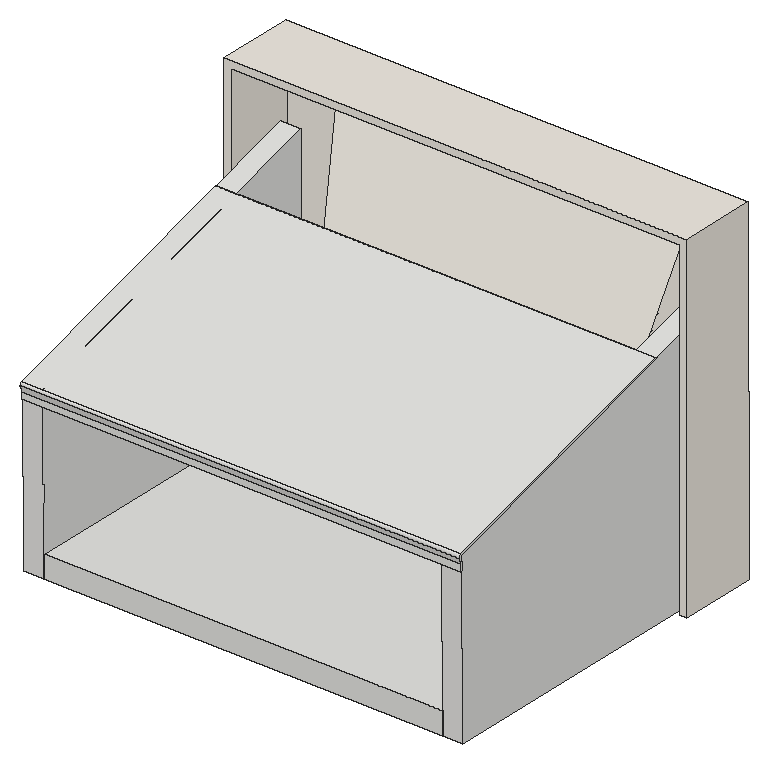
Revit family "Plumbing-Sink-Sloan-Valve-DSG-81000", category Plumbing Fixtures, host Face, Revit 2019
Family settings
  Host = Face
  Round Connector Dimension = Use Diameter
  Part Type = Normal
  OmniClass Number = 23.45.05.14.14
  OmniClass Title = Sinks/Lavatories
  Cut with Voids When Loaded = No
  Shared = No
  Room Calculation Point = No
Parameters (values of type "DSG-81000")
  Width = 30.00"  # constant formula
  Water Flow = 0.0 GPM
  Waste Connection = yes
  WFU = 2
  Vent Connection = no
  Valve Pressure Drop = 0.0 Pa
  URL = "www.sloanvalve.com"
  Sanitary Drain Connection Diameter = 1.50"
  Product data url = "https://bimobject.com/sloan_valve/product/sinks_designer-series_dsg-81000"
  Product Material = Sloan - Corian - Venaro White
  Product Guid = ""
  Part Number = ""
  Model = "DSG-81000"
  Manufacturer = "Sloan Valve"  # constant formula
  Keynote = "10000"
  Hot Water Connection Diameter = 0.50"
  Height = 5.00"  # constant formula
  HWFU = 1.5
  HW Connection = yes
  z_Elevation [instance] = 34.00"  # constant formula
  Enclosure [instance] = yes
  Edition number = 1
  Description = "Designer Series™ 1-Station Wall-Mounted Gradient Sink."
  Depth = 22.00"  # constant formula
  Default Elevation = 0.00"  # constant formula
  Cold Water Connection Diameter = 0.50"
  CWFU = 1.5
  CW Connection = yes
  Assembly Code = "D2010400"
  ADA Compliant = 1 = 1  # yes
Reference planes (in)
  plane 1 "Center (Front/Back)": y = 0
  plane 2: z = 0
  plane 3 "Center (Left/Right)": x = 0
  plane 4: y = -14
  plane 5: y = -34
  plane 6: z = 3.125
  plane 7: x = -6
  plane 8: z = 2.75
  plane 9: x = -15
  plane 10: x = 15
  plane 11: z = 22
Forms (in)
  Extrusion 1, solid, not visible
    sketch origin (0, 0, 0) x (1, 0, 0) y (0, 1, 0)
      loop
        circle (0, -14) r 0.75
      loop
        circle (3, -10) r 0.25
      loop
        circle (-3, -10) r 0.25
    from 0 to 0.50971
Dimensions and locks (in)
  plane 4 to plane 1 "Center (Front/Back)" = 14.00"
  "z_Elevation": plane 5 to plane 1 "Center (Front/Back)"
  aligned and locked: plane 2 to host face
  aligned and locked: level to host face
  aligned and locked: plane 3 "Center (Left/Right)" to nested 1
  aligned and locked: plane 1 "Center (Front/Back)" to nested 1
Automatic sketch dimensions
  host sketch curve to host sketch curve = 96.00"  (x2)
  Extrusion 1 sketch curve to plane 3 "Center (Left/Right)" = 0.00"
  Extrusion 1 sketch curve to plane 4 = 0.00"
  Extrusion 1 sketch curve to plane 3 "Center (Left/Right)" = 3.00"
  plane 3 "Center (Left/Right)" to Extrusion 1 sketch curve = 3.00"
  plane 4 to Extrusion 1 sketch curve = 4.00"  (x2)
  radius of Extrusion 1 sketch curve = 0.75"
  radius of Extrusion 1 sketch curve = 0.25"  (x2)
Nested families (in)
  nested 1: "Geometry" at (0, 0, 0), type "Geometry"
Connectors (in)
  piping at (0, -14, 0), diameter 1.5, driven by "WFU", driven by "Sanitary Drain Connection Diameter"
    settings: on Extrusion 1, index 2, connector inside diameter 24.00", connector length 0.00", flow factor 0, pipe flow 0.0 GPM, pressure drop 0.0 Pa, fitting loss kfactor 0, connector angle 0.00°, fixture units 2, engagement length 0.00", angle of deflection 0.00°, flow configuration 3, flow direction 2, fitting loss method 0, system type 16, joint type 0, gender type 0, connector reference index -1, connector utility 0, adjustable connector no, is connector primary yes, connector description "Sanitary Drain Connection"
  piping at (3, -10, 0), diameter 0.5, driven by "Cold Water Connection Diameter"
    settings: on Extrusion 1, index 3, connector inside diameter 24.00", connector length 0.00", flow factor 0, pipe flow 0.0 GPM, pressure drop 0.0 Pa, fitting loss kfactor 0, connector angle 0.00°, fixture units 1.5, engagement length 0.00", angle of deflection 0.00°, flow configuration 3, flow direction 1, fitting loss method 0, system type 20, joint type 0, gender type 0, connector reference index -1, connector utility 0, adjustable connector no, is connector primary no, connector description "Cold Water Connection"
  piping at (-3, -10, 0), diameter 0.5, driven by "Hot Water Connection Diameter"
    settings: on Extrusion 1, index 4, connector inside diameter 24.00", connector length 0.00", flow factor 0, pipe flow 0.0 GPM, pressure drop 0.0 Pa, fitting loss kfactor 0, connector angle 0.00°, fixture units 1.5, engagement length 0.00", angle of deflection 0.00°, flow configuration 3, flow direction 1, fitting loss method 0, system type 19, joint type 0, gender type 0, connector reference index -1, connector utility 0, adjustable connector no, is connector primary no, connector description "Hot Water Connection"
Definition of nested family "Geometry"
  Parameters (values of type "Geometry")
    URL = ""
    Type Comments = ""
    Product Material = none
    Model = ""
    Manufacturer = ""
    Enclosure Material = none
    Enclosure = yes
    Description = ""
    Default Elevation = 34.00"
    Assembly Code = ""
  Reference planes (in)
    plane 1 "Center (Front/Back)": y = 0
    plane 2: z = 0
    plane 3 "Center (Left/Right)": x = 0
    plane 4: y = -5
    plane 5: z = 22
    plane 6: y = -34
    plane 7: y = -14
    plane 8: y = -10
    plane 9: z = 7
    plane 10: x = 15
    plane 11: x = -15
    plane 12: x = -11
    plane 13: x = 11
  Forms (in)
    Extrusion 1, solid
      sketch origin (0, 0, 0) x (1, 0, 0) y (0, 1, 0)
        loop
          line (-48, 48) -> (-48, -48) -> (48, -48) -> (48, 48) -> (-48, 48)
      from 0 to -12
    Extrusion 2, solid, material <- "Product Material"
      sketch origin (0, 0, 0) x (1, 0, 0) y (0, 0, 1)
        loop
          line (15, 22) -> (-15, 22) -> (-15, 0) -> (-14.52756, 0) -> (-14.52756, 21.52756) -> (14.52756, 21.52756) -> (14.52756, 0) -> (15, 0) -> (15, 22)
      from 0 to 5
    Extrusion 3, solid, material <- "Product Material"
      sketch origin (0, 0, 0) x (1, 0, 0) y (0, 0, 1)
        loop
          line (15, 0) -> (15, 22) -> (-15, 22) -> (-15, 0) -> (15, 0)
        loop
          line (11, 19) -> (-11, 19) -> (-11, 5) -> (11, 5) -> (11, 19)
      from 0 to 0.47244
    Extrusion 4, solid, material <- "Product Material"
      sketch origin (0, 0, 0) x (0, 1, 0) y (0, 0, 1)
        loop
          line (0, 19) -> (-0.47244, 19.08029) -> (-3.83519, 9.47244) -> (-4.76173, 9.47244) -> (-4.76173, 4.52756) -> (-0.47244, 4.52756) -> (0, 5) -> (-4.28908, 5) -> (-4.28908, 9) -> (-3.5, 9) -> (0, 19)
      from -11 to 11
    Extrusion 5, solid, material <- "Product Material"
      sketch origin (0, 0, 0) x (1, 0, 0) y (0, 1, 0)
        loop
          line (11, 0) -> (8.91846, -4.75781) -> (9.43413, -4.75781) -> (11.30898, -0.47244) -> (11, 0)
        loop
          line (-11, 0) -> (-11.30898, -0.47244) -> (-9.43413, -4.75781) -> (-8.91846, -4.75781) -> (-11, 0)
      from 5 to 19.08029
    Extrusion 6, void
      sketch origin (0, 0, 0) x (0, 1, 0) y (0, 0, 1)
        loop
          line (-0.47244, 19.08029) -> (-5, 19.08029) -> (-5, 9.47244) -> (-3.83519, 9.47244) -> (-0.47244, 19.08029)
      from -11.30898 to 11.30898
    Extrusion 7, void
      sketch origin (0, 0, 0) x (1, 0, 0) y (0, 1, 0)
        loop
          line (-9.43242, -4.76173) -> (-11.30898, -0.47244) -> (-11.30898, -4.76173) -> (-9.43242, -4.76173)
        loop
          line (9.43242, -4.76173) -> (11.30898, -4.76173) -> (11.30898, -0.47244) -> (9.43242, -4.76173)
      from 4.52756 to 19.28617
    Extrusion 8, solid, material <- "Product Material"
      sketch origin (0, 0, 0) x (1, 0, 0) y (0, 1, 0)
        loop
          circle (0, -14) r 0.75
        loop
          circle (-3, -10) r 0.25
        loop
          circle (3, -10) r 0.25
      from 0 to 0.032
    Extrusion 9, void
      sketch origin (0, 0, 0) x (1, 0, 0) y (0, 0, 1)
        loop
          circle (0, 7) r 0.875
      from 4.28906 to 4.76173
    Extrusion 10, solid, material <- "Enclosure Material", visible <- "Enclosure"
      sketch origin (14.8098, 0, 0) x (0, 1, 0) y (0, 0, -1)
        loop
          line (-22.1902, 0) -> (-22.28349, -11.02999) -> (-1.32484, -16.97876) -> (-1.35811, 0) -> (-22.1902, 0)
      from 27.76017 to 29.0598
    Sweep 11, solid, material <- "Enclosure Material", visible <- "Enclosure"
      path origin (0, 0.17188, 0) x (1, 0, 0) y (0, 1, 0)
        loop
          line (-14.25, -22.62888) -> (14.25, -22.62888)
      profile origin (0, -22.45701, 0) x (0, 1, 0) y (0, 0, 1)
        loop
          line (-0.00555, 10.86203) -> (0.10434, 10.47744) -> (0.11135, 10.05276) -> (0.17114, 10.05375) -> (0.164, 10.4863) -> (0.04663, 10.89708)
          arc (0.04663, 10.89708) -> (0.05347, 10.95663) -> (0.10042, 10.9939) r 0.07831
          line (0.10042, 10.9939) -> (15.93571, 15.51827) -> (15.86178, 15.55934) -> (0.10261, 11.05672)
          arc (0.10261, 11.05672) -> (0.00821, 10.98178) -> (-0.00555, 10.86203) r 0.15748
    Extrusion 12, solid, material <- "Enclosure Material", visible <- "Enclosure"
      sketch origin (0, 0, 0) x (1, 0, 0) y (0, 0, 1)
        loop
          line (-12.95037, 1.44) -> (-12.95037, 0) -> (12.95037, 0) -> (12.95037, 1.44) -> (-12.95037, 1.44)
      from 0.787 to 22.1902
    Extrusion 13, solid, material <- "Enclosure Material", visible <- "Enclosure"
      sketch origin (-14.8098, 0, 0) x (0, 1, 0) y (0, 0, 1)
        loop
          line (-22.1902, 0) -> (-1.35811, 0) -> (-1.32484, 16.97876) -> (-22.28349, 11.02999) -> (-22.1902, 0)
      from 27.76017 to 29.0598
  Cuts and joins
    Extrusion 6, Extrusion 9 cuts Extrusion 2
    Extrusion 6, Extrusion 9 cuts Extrusion 3
    Extrusion 6, Extrusion 7, Extrusion 9 cuts Extrusion 4
    Extrusion 6, Extrusion 9 cuts Extrusion 5
    joined: Extrusion 2, Extrusion 3, Extrusion 4, Extrusion 5
  Lines and regions (in)
    Masking region 1
      outline origin (0, 0, 0) x (1, 0, 0) y (0, 0, 1)
        loop
          line (15, 22) -> (-15, 22) -> (-15, 0) -> (15, 0) -> (15, 22)
    symbolic lines, detail levels medium+fine
      curve 1: line (11, 0, 19) -> (-11, 0, 19)
      curve 2: line (-11, 0, 5) -> (11, 0, 5)
      curve 3: line (-9.46875, 0, 9) -> (9.46875, 0, 9)
      curve 5: line (11, 0, 5) -> (11, 0, 19)
      curve 6: line (11, 0, 19) -> (9.46875, 0, 9)
      curve 7: line (8.91846, 0, 9) -> (8.91846, 0, 5)
      curve 8: line (-11, 0, 19) -> (-11, 0, 5)
      curve 9: line (-8.91846, 0, 5) -> (-8.91846, 0, 9)
      curve 10: line (-9.46875, 0, 9) -> (-11, 0, 19)
    symbolic lines, detail levels fine
      curve 4: circle (0, 0, 7) r 0.875 normal (0, -1, 0)
      curve 11: circle (0, 0, 2.75) r 0.625 normal (0, 1, 0)
      curve 12: circle (-6, 0, 3.125) r 0.5 normal (0, 1, 0)
  Dimensions and locks (in)
    locked: Extrusion 1 to plane 5 at 22
    locked: plane 4 to plane 1 "Center (Front/Back)" at 5
    plane 6 to plane 8 = 24.00"
    plane 6 to plane 7 = 20.00"
    "Default Elevation": plane 6 to plane 1 "Center (Front/Back)"
    plane 3 "Center (Left/Right)" to Extrusion 8 sketch curve = 3.00"
    Extrusion 8 sketch curve to plane 3 "Center (Left/Right)" = 3.00"
    aligned and locked: plane 2 to Extrusion 1
    aligned and locked: level to Extrusion 1
    aligned and locked: plane 7 to Extrusion 8 sketch curve
    aligned and locked: plane 8 to Extrusion 8 sketch curve  (x2)
    aligned and locked: Extrusion 3 sketch curve to level
    aligned and locked: Extrusion 3 sketch curve to plane 5
    aligned and locked: plane 9 to Extrusion 9 sketch curve
    aligned and locked: plane 3 "Center (Left/Right)" to Extrusion 9 sketch curve
  Automatic sketch dimensions
    Extrusion 1 sketch curve to Extrusion 1 sketch curve = 96.00"  (x2)
    Extrusion 8 sketch curve to plane 3 "Center (Left/Right)" = 0.00"
    Masking region 1 sketch curve to level = 0.00"
    Masking region 1 sketch curve to plane 5 = 0.00"
    Masking region 1 sketch curve to plane 3 "Center (Left/Right)" = 15.00"
    plane 3 "Center (Left/Right)" to Masking region 1 sketch curve = 15.00"
    curve 11 to plane 3 "Center (Left/Right)" = 0.00"
    curve 4 to plane 3 "Center (Left/Right)" = 0.00"
    curve 4 to plane 9 = 0.00"
    curve 12 to plane 3 "Center (Left/Right)" = 6.00"
    curve 10 to plane 9 = 2.00"
    plane 11 to curve 10 = 5.53125"
    plane 11 to curve 10 = 4.00"
    curve 3 to plane 10 = 5.53125"
    curve 5 to plane 10 = 4.00"
    plane 9 to curve 8 = 2.00"
    level to curve 12 = 3.125"
    level to curve 11 = 2.75"
    plane 5 to curve 6 = 3.00"
    curve 2 to curve 9 = 2.08154"
    curve 7 to curve 2 = 2.08154"
    plane 1 "Center (Front/Back)" to Extrusion 5 sketch curve = 0.00"  (x2)
    Extrusion 5 sketch curve to plane 12 = 0.00"
    Extrusion 5 sketch curve to plane 13 = 0.00"
    Extrusion 5 sketch curve to plane 12 = 0.30898"
    Extrusion 5 sketch curve to plane 4 = 0.24219"  (x2)
    plane 12 to Extrusion 5 sketch curve = 1.56587"
    Extrusion 5 sketch curve to Extrusion 5 sketch curve = 0.51568"  (x2)
    Extrusion 5 sketch curve to plane 13 = 2.08154"
    plane 13 to Extrusion 5 sketch curve = 0.30898"
    plane 1 "Center (Front/Back)" to Extrusion 5 sketch curve = 0.47244"  (x2)
    plane 4 to Extrusion 6 sketch curve = 0.00"
    Extrusion 6 sketch curve to plane 4 = 1.16481"
    plane 1 "Center (Front/Back)" to Extrusion 6 sketch curve = 0.47244"
    Extrusion 6 sketch curve to plane 9 = 2.47244"
    plane 5 to Extrusion 6 sketch curve = 2.91971"
    Extrusion 7 sketch curve to plane 12 = 0.30898"
    Extrusion 7 sketch curve to plane 4 = 0.23827"  (x2)
    plane 12 to Extrusion 7 sketch curve = 1.56758"
    Extrusion 7 sketch curve to plane 13 = 1.56758"
    plane 13 to Extrusion 7 sketch curve = 0.30898"
    plane 1 "Center (Front/Back)" to Extrusion 7 sketch curve = 0.47244"  (x2)
    Extrusion 3 sketch curve to plane 11 = 0.00"
    Extrusion 3 sketch curve to plane 12 = 0.00"
    Extrusion 3 sketch curve to plane 13 = 0.00"
    Extrusion 3 sketch curve to plane 10 = 0.00"
    plane 5 to Extrusion 3 sketch curve = 3.00"
    plane 9 to Extrusion 3 sketch curve = 2.00"
    Extrusion 2 sketch curve to plane 5 = 0.00"
    Extrusion 2 sketch curve to level = 0.00"  (x2)
    Extrusion 2 sketch curve to plane 11 = 0.00"
    Extrusion 2 sketch curve to plane 10 = 0.00"
    plane 5 to Extrusion 2 sketch curve = 0.47244"
    Extrusion 2 sketch curve to Extrusion 2 sketch curve = 0.47244"
    Extrusion 2 sketch curve to plane 10 = 0.47244"
    Extrusion 4 sketch curve to plane 1 "Center (Front/Back)" = 0.00"  (x2)
    plane 1 "Center (Front/Back)" to Extrusion 4 sketch curve = 0.47244"  (x2)
    Extrusion 4 sketch curve to plane 4 = 1.50"
    Extrusion 4 sketch curve to Extrusion 4 sketch curve = 0.33519"
    Extrusion 4 sketch curve to Extrusion 4 sketch curve = 0.78908"
    Extrusion 4 sketch curve to plane 4 = 0.23827"
    plane 9 to Extrusion 4 sketch curve = 2.47244"
    Extrusion 4 sketch curve to Extrusion 4 sketch curve = 0.47244"  (x2)
    Extrusion 4 sketch curve to plane 9 = 2.00"
    plane 5 to Extrusion 4 sketch curve = 3.00"
    Extrusion 4 sketch curve to Extrusion 4 sketch curve = 0.08029"
    Extrusion 10 sketch curve to level = 0.00"
    Extrusion 10 sketch curve to plane 9 = 4.02999"
    plane 7 to Extrusion 10 sketch curve = 8.28349"
    plane 7 to Extrusion 10 sketch curve = 8.1902"
    plane 1 "Center (Front/Back)" to Extrusion 10 sketch curve = 1.35811"
    plane 1 "Center (Front/Back)" to Extrusion 10 sketch curve = 1.32484"
    plane 5 to Extrusion 10 sketch curve = 5.02124"
    plane 11 to Sweep 11 sketch curve = 0.75"
    Sweep 11 sketch curve to plane 10 = 0.75"
    plane 7 to Sweep 11 sketch curve = 8.45701"
    profile plane to Sweep 11 sketch curve = 0.00555"
    Sweep 11 sketch curve to profile plane = 0.04663"
    Sweep 11 sketch curve to profile plane = 0.10042"
    Sweep 11 sketch curve to Sweep 11 sketch curve = 0.00219"
    Sweep 11 sketch curve to profile plane = 0.10434"
    Sweep 11 sketch curve to profile plane = 0.11135"
    Sweep 11 sketch curve to Sweep 11 sketch curve = 0.0753"
    Sweep 11 sketch curve to Sweep 11 sketch curve = 0.02394"
    Sweep 11 sketch curve to Sweep 11 sketch curve = 0.05966"
    Sweep 11 sketch curve to Sweep 11 sketch curve = 0.05979"
    Sweep 11 sketch curve to profile plane = 15.86178"
    Sweep 11 sketch curve to Sweep 11 sketch curve = 0.07393"
    profile plane to Sweep 11 sketch curve = 10.05276"
    Sweep 11 sketch curve to Sweep 11 sketch curve = 0.00099"
    Sweep 11 sketch curve to Sweep 11 sketch curve = 0.42467"
    Sweep 11 sketch curve to Sweep 11 sketch curve = 0.00886"
    Sweep 11 sketch curve to Sweep 11 sketch curve = 0.38459"
    Sweep 11 sketch curve to Sweep 11 sketch curve = 0.03505"
    Sweep 11 sketch curve to Sweep 11 sketch curve = 0.00821"
    Sweep 11 sketch curve to Sweep 11 sketch curve = 0.0133"
    profile plane to Sweep 11 sketch curve = 15.51827"
    Sweep 11 sketch curve to Sweep 11 sketch curve = 0.04107"
    Extrusion 12 sketch curve to level = 0.00"
    Extrusion 12 sketch curve to plane 12 = 1.95037"
    plane 13 to Extrusion 12 sketch curve = 1.95037"
    level to Extrusion 12 sketch curve = 1.44"
    Extrusion 13 sketch curve to level = 0.00"
    Extrusion 13 sketch curve to plane 9 = 4.02999"
    plane 7 to Extrusion 13 sketch curve = 8.28349"
    plane 7 to Extrusion 13 sketch curve = 8.1902"
    plane 1 "Center (Front/Back)" to Extrusion 13 sketch curve = 1.35811"
    plane 1 "Center (Front/Back)" to Extrusion 13 sketch curve = 1.32484"
    plane 5 to Extrusion 13 sketch curve = 5.02124"
    radius of Extrusion 8 sketch curve = 0.75"
    radius of Extrusion 8 sketch curve = 0.25"  (x2)
    radius of Extrusion 9 sketch curve = 0.875"
    radius of curve 4 = 0.875"
    radius of curve 11 = 0.625"
    radius of curve 12 = 0.50"
